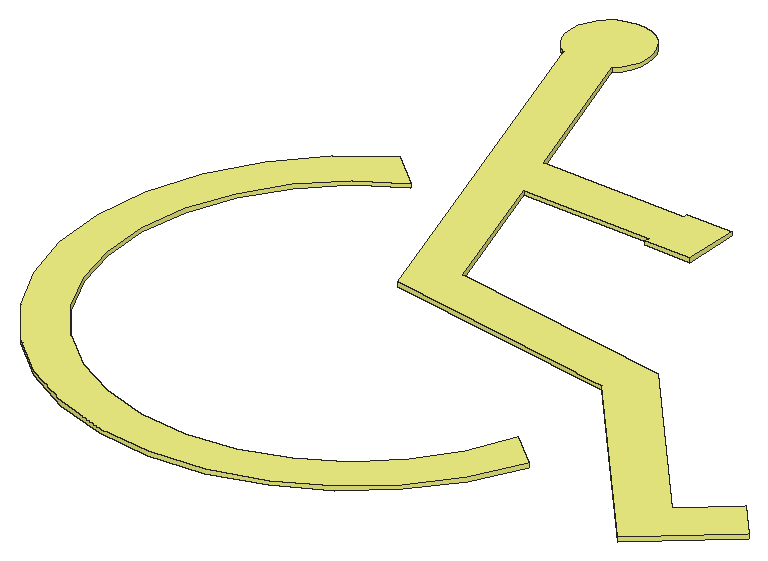
Revit family
Parameters
  재료 = 장애인 심볼
Reference planes
  plane 1 "중심(앞/뒤)": y = 0
  plane 2: z = 0
  plane 3 "중심(왼쪽/오른쪽)": x = 0
Forms (mm)
  Extrusion 1, solid, material "장애인 심볼" <- "재료", detail levels medium+fine
    sketch origin (0, 0, 0) x (1, 0, 0) y (0, 1, 0)
      loop
        arc (-470.168, 810.835) -> (-544.667, 979.727) -> (-585.409, 799.686) r 97.2
        line (-585.409, 799.686) -> (-260.236, -134.426) -> (319.552, -208.761) -> (728.573, -668.576) -> (921.946, -496.564) -> (847.175, -412.508) -> (737.858, -509.748) -> (375.623, -102.529) -> (-176.876, -31.692) -> (-296.191, 311.057) -> (18.854, 314.546) -> (18.979, 303.296) -> (131.472, 304.542) -> (129.977, 439.534) -> (17.484, 438.288) -> (17.609, 427.039) -> (-335.205, 423.132) -> (-470.168, 810.835)
      loop
        arc (-573.377, 263.675) -> (-653.622, -826.095) -> (402.007, -543.81) r 670.348
        line (402.007, -543.81) -> (318.521, -474.695)
        arc (318.521, -474.695) -> (-589.055, -748.103) -> (-489.891, 194.559) r 569.098
        line (-489.891, 194.559) -> (-573.377, 263.675)
    from 0 to 10
Lines and regions (mm)
  model lines, detail levels coarse+medium
    curve 1: line (-585.409, 799.686, 0) -> (-260.236, -134.426, 0)
    curve 2: arc (-470.168, 810.835, 0) -> (-544.667, 979.727, 0) -> (-585.409, 799.686, 0) r 97.2
    curve 3: line (-335.205, 423.132, 0) -> (-470.168, 810.835, 0)
    curve 4: line (17.609, 427.039, 0) -> (-335.205, 423.132, 0)
    curve 5: line (17.484, 438.288, 0) -> (17.609, 427.039, 0)
    curve 6: line (129.977, 439.534, 0) -> (17.484, 438.288, 0)
    curve 7: line (131.472, 304.542, 0) -> (129.977, 439.534, 0)
    curve 8: line (18.979, 303.296, 0) -> (131.472, 304.542, 0)
    curve 9: line (18.854, 314.546, 0) -> (18.979, 303.296, 0)
    curve 10: line (-176.876, -31.692, 0) -> (-296.191, 311.057, 0)
    curve 11: line (375.623, -102.529, 0) -> (-176.876, -31.692, 0)
    curve 12: line (737.858, -509.748, 0) -> (375.623, -102.529, 0)
    curve 13: line (847.175, -412.508, 0) -> (737.858, -509.748, 0)
    curve 14: line (921.946, -496.564, 0) -> (847.175, -412.508, 0)
    curve 15: line (728.573, -668.576, 0) -> (921.946, -496.564, 0)
    curve 16: line (319.552, -208.761, 0) -> (728.573, -668.576, 0)
    curve 17: line (-260.236, -134.426, 0) -> (319.552, -208.761, 0)
    curve 18: arc (318.521, -474.695, 0) -> (-589.055, -748.103, 0) -> (-489.891, 194.559, 0) r 569.098
    curve 19: line (-489.891, 194.559, 0) -> (-573.377, 263.675, 0)
    curve 20: arc (-573.377, 263.675, 0) -> (-653.622, -826.095, 0) -> (402.007, -543.81, 0) r 670.348
    curve 21: line (402.007, -543.81, 0) -> (318.521, -474.695, 0)
    curve 22: line (-296.191, 311.057, 0) -> (18.854, 314.546, 0)
